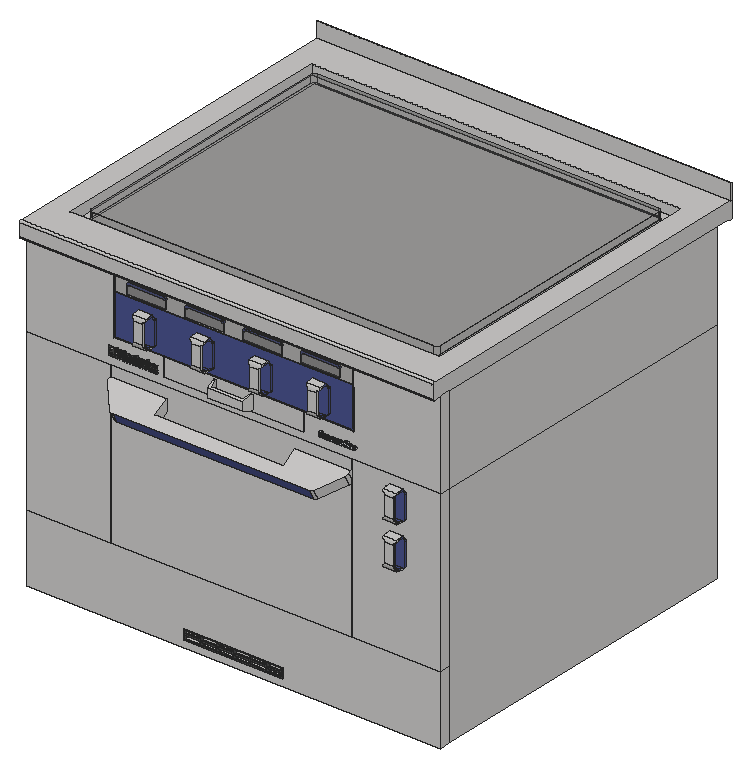
Revit family "QF_ELECTROLUXPROFESSIONAL_589656_MCLLFBJ8AO", category Attrezzature speciali, Revit 2020
Family settings
  Quota connettore circolare = Usa diametro
  Tipo di parte = Normale
  Basato su piano di lavoro = No
  Sempre verticale = Sì
  Taglio con vuoti quando caricato = No
  Condiviso = No
  Punto di calcolo locali = No
Parameters (values of type "Standard")
  Weight = 258.00 kg
  Watts = 21300 W
  Volts = 400 V
  URL Manufacturer = "https://www.electroluxprofessional.com/"
  URL = "https://www.electroluxprofessional.com/"
  Steam Supply Size = 0"
  Steam Supply Minimum Pressure = 0.00 psi
  Steam Supply Maximum Pressure = 0.00 psi
  Steam Consumption per Hour = 0
  Refrigeration Suction Line Size = 0 mm
  Refrigeration Liquid Line Size = 0 mm
  Refrigerant Compressor Remote = yes
  Prospetto di default = 0 mm
  Phase = 3
  Modello = "MCLLFBJ8AO"
  Produttore = "Electrolux Professional"
  Length Actual = 1000 mm  # constant formula
  Item Number = "589656"
  Hot Water Size = 0"
  Height Actual = 800 mm  # constant formula
  HP = "28.6 HP"
  Gas Size = 0"
  Gas KW = 0
  Gas Input Pressure = 0.0 Btu/h
  Direct Waste Size = 0"
  Descrizione = "EL.SOLID TOP,ST.OV,1S,BS,1000X900X800H"
  Depth Actual = 900 mm  # constant formula
  Cycle = 50 Hz
  Condensate Return Size = 0"
  Compressed Air Volume = 0 GPM
  Compressed Air Size = 0"
  Compressed Air Pressure = 0.00 psi
  Cold Water Size = 0"
  Accessory = yes
Reference planes
  plane 1 "BACK": y = 0
  plane 2: z = 0
  plane 3 "LEFT": x = -100
  plane 4 "RIGHT": x = 900
  plane 5 "FRONT": y = -900
  plane 6 "TOP": z = 900
  plane 7 "Center (Left/Right)": x = 400
  plane 8: y = -450
  plane 9: z = 100
  plane 10: y = -150
  plane 11 "Panel": y = -855
  plane 12: z = 798
  plane 13: z = 1327
  plane 14: x = -22
  plane 15: x = 822
  plane 16: y = -150
  plane 17: y = -650
  plane 18 "EIx": x = 855
  plane 19 "EIy": y = -685
  plane 20: y = -880
  plane 21: z = 938
Forms (mm)
  Extrusion 1, solid, material "QF_Finishes_Stainless Steel"
    sketch origin (-178.969, -4572, 100) x (-1, 0, 0) y (0, -1, 0)
      loop
        line (-78.969, -4527) -> (-78.969, -3717) -> (-1078.969, -3717) -> (-1078.969, -4527) -> (-78.969, -4527)
    from 550 to 762.969
  Extrusion 2, solid, material "QF_Finishes_Stainless Steel"
    sketch origin (-100, 0, -100) x (0, 1, 0) y (0, 0, 1)
      loop
        line (-855, 200) -> (-855, 365) -> (-880, 365) -> (-880, 200) -> (-855, 200)
    from 0 to 1000
  Extrusion 3, solid, material "QF_Finishes_Stainless Steel"
    sketch origin (-488.969, -4662, 100) x (-1, 0, 0) y (0, -1, 0)
      loop
        circle (-1343.969, -3977) r 6.35
    from 0 to -11.851
  Extrusion 4, solid, material "QF_Finishes_Stainless Steel"
    sketch origin (400, 296.4, 1219.2) x (0, 1, 0) y (0, 0, 1)
      loop
        line (-296.4, -319.2) -> (-1191.4, -319.2)
        arc (-1191.4, -319.2) -> (-1194.935, -320.664) -> (-1196.4, -324.2) r 5
        line (-1196.4, -324.2) -> (-1196.4, -355.2)
        arc (-1196.4, -355.2) -> (-1194.971, -358.264) -> (-1191.705, -359.139) r 4
        line (-1191.705, -359.139) -> (-1176.4, -356.231) -> (-316.4, -356.231) -> (-301.094, -359.139)
        arc (-301.094, -359.139) -> (-297.829, -358.264) -> (-296.4, -355.2) r 4
        line (-296.4, -355.2) -> (-296.4, -319.2)
    from -500 to 500
  Extrusion 5, solid, material "QF_Finishes_Electrolux_Black Smoke Iluminated"
    sketch origin (0, 0, 900) x (-1, 0, 0) y (0, -1, 0)
      loop
        arc (12, 109) -> (19.071, 111.929) -> (22, 119) r 10
        line (22, 119) -> (22, 780)
        arc (22, 780) -> (19.071, 787.071) -> (12, 790) r 10
        line (12, 790) -> (-812, 790)
        arc (-812, 790) -> (-819.071, 787.071) -> (-822, 780) r 10
        line (-822, 780) -> (-822, 119)
        arc (-822, 119) -> (-819.071, 111.929) -> (-812, 109) r 10
        line (-812, 109) -> (12, 109)
    from 0 to -20
  Extrusion 6, solid, material "QF_Finishes_Stainless Steel"
    sketch origin (-178.969, -4572, 100) x (-1, 0, 0) y (0, -1, 0)
      loop
        line (-78.969, -4527) -> (-78.969, -3717) -> (-1078.969, -3717) -> (-1078.969, -4527) -> (-78.969, -4527)
    from 550 to 0
  Extrusion 7, void
    sketch origin (0, -855, -100) x (-1, 0, 0) y (0, 0, 1)
      loop
        line (-520, 216.594) -> (-280, 216.594) -> (-280, 241.594) -> (-520, 241.594) -> (-520, 216.594)
    from 0 to -25
  Extrusion 8, solid, material "QF_Finishes_Black"
    sketch origin (0, -855, -100) x (-1, 0, 0) y (0, 0, 1)
      loop
        line (-280, 241.594) -> (-520, 241.594) -> (-520, 216.594) -> (-280, 216.594) -> (-280, 241.594)
      loop
        line (-282, 239.594) -> (-319.131, 239.594) -> (-319.131, 230.094) -> (-282, 230.094) -> (-282, 239.594)
      loop
        line (-282, 218.594) -> (-282, 228.094) -> (-319.131, 228.094) -> (-319.131, 218.594) -> (-282, 218.594)
      loop
        line (-321.131, 239.594) -> (-359.066, 239.594) -> (-359.066, 230.094) -> (-321.131, 230.094) -> (-321.131, 239.594)
      loop
        line (-399, 239.594) -> (-399, 230.094) -> (-361.066, 230.094) -> (-361.066, 239.594) -> (-399, 239.594)
      loop
        line (-401, 239.594) -> (-438.934, 239.594) -> (-438.934, 230.094) -> (-401, 230.094) -> (-401, 239.594)
      loop
        line (-359.066, 218.594) -> (-321.131, 218.594) -> (-321.131, 228.094) -> (-359.066, 228.094) -> (-359.066, 218.594)
      loop
        line (-361.066, 218.594) -> (-361.066, 228.094) -> (-399, 228.094) -> (-399, 218.594) -> (-361.066, 218.594)
      loop
        line (-401, 228.094) -> (-438.934, 228.094) -> (-438.934, 218.594) -> (-401, 218.594) -> (-401, 228.094)
      loop
        line (-518, 239.594) -> (-518, 230.094) -> (-480.869, 230.094) -> (-480.869, 239.594) -> (-518, 239.594)
      loop
        line (-518, 218.594) -> (-480.869, 218.594) -> (-480.869, 228.094) -> (-518, 228.094) -> (-518, 218.594)
      loop
        line (-478.869, 239.594) -> (-478.869, 230.094) -> (-440.934, 230.094) -> (-440.934, 239.594) -> (-478.869, 239.594)
      loop
        line (-440.934, 218.594) -> (-440.934, 228.094) -> (-478.869, 228.094) -> (-478.869, 218.594) -> (-440.934, 218.594)
    from -25.03 to -20
  Extrusion 9, void
    sketch origin (0, 0, 900) x (-1, 0, 0) y (0, -1, 0)
      loop
        line (47, 815) -> (-847, 815) -> (-847, 84) -> (47, 84) -> (47, 815)
    from 0 to -25
  Extrusion 10, solid, material "QF_Finishes_Stainless Steel"
    sketch origin (0, 0, 900) x (-1, 0, 0) y (0, -1, 0)
      loop
        line (18, 113) -> (18, 786) -> (-818, 786) -> (-818, 113) -> (18, 113)
    from -20 to -25
  Extrusion 11, solid, material "QF_Finishes_Stainless Steel"
    sketch origin (400, 296.4, 1219.2) x (0, 1, 0) y (0, 0, 1)
      loop
        line (-296.4, -319.2) -> (-296.4, -281.2) -> (-298.4, -281.2) -> (-298.4, -319.2) -> (-296.4, -319.2)
    from -500 to 500
Cuts and joins
  Extrusion 7 cuts Extrusion 6
  Extrusion 7 cuts Extrusion 2
  Extrusion 9 cuts Extrusion 4
Lines and regions (mm)
  symbolic lines
    curve 1: line (-100, 0, 100) -> (900, 0, 100)
    curve 2: line (-100, -900, 100) -> (-100, 0, 100)
    curve 3: line (900, -900, 100) -> (-100, -900, 100)
    curve 4: line (900, 0, 100) -> (900, -900, 100)
    curve 5: line (812, -109, 100) -> (-12, -109, 100)
    curve 6: line (-22, -119, 100) -> (-22, -780, 100)
    curve 7: line (-12, -790, 100) -> (812, -790, 100)
    curve 8: line (822, -780, 100) -> (822, -119, 100)
    curve 9: arc (-12, -109, 100) -> (-19.071, -111.929, 100) -> (-22, -119, 100) r 10
    curve 10: arc (822, -119, 100) -> (819.071, -111.929, 100) -> (812, -109, 100) r 10
    curve 11: arc (812, -790, 100) -> (819.071, -787.071, 100) -> (822, -780, 100) r 10
    curve 12: arc (-22, -780, 100) -> (-19.071, -787.071, 100) -> (-12, -790, 100) r 10
    curve 13: line (847, -84, 900) -> (-47, -84, 900)
    curve 14: line (-47, -84, 900) -> (-47, -815, 900)
    curve 15: line (847, -815, 900) -> (847, -84, 900)
    curve 16: line (-47, -815, 900) -> (847, -815, 900)
    curve 33: line (-100, -2, 900) -> (900, -2, 900)
  model lines, style "SpecialityEquipment"
    curve 17: arc (634, -211, 900) -> (580.967, -339.033, 900) -> (709, -286, 900) r 75
    curve 18: line (689, -286, 900) -> (729, -286, 900)
    curve 19: line (729, -286, 900) -> (709, -266, 900)
    curve 20: line (689, -286, 900) -> (709, -266, 900)
    curve 21: arc (166, -211, 900) -> (112.967, -339.033, 900) -> (241, -286, 900) r 75
    curve 22: line (221, -286, 900) -> (261, -286, 900)
    curve 23: line (261, -286, 900) -> (241, -266, 900)
    curve 24: line (221, -286, 900) -> (241, -266, 900)
    curve 25: arc (634, -539, 900) -> (580.967, -667.033, 900) -> (709, -614, 900) r 75
    curve 26: line (689, -614, 900) -> (729, -614, 900)
    curve 27: line (729, -614, 900) -> (709, -594, 900)
    curve 28: line (689, -614, 900) -> (709, -594, 900)
    curve 29: arc (166, -539, 900) -> (112.967, -667.033, 900) -> (241, -614, 900) r 75
    curve 30: line (221, -614, 900) -> (261, -614, 900)
    curve 31: line (261, -614, 900) -> (241, -594, 900)
    curve 32: line (221, -614, 900) -> (241, -594, 900)
Dimensions and locks
  plane 3 "LEFT" to plane 4 "RIGHT" = 1000 mm
  plane 5 "FRONT" to plane 1 "BACK" = 900 mm
  plane 3 "LEFT" to plane 7 "Center (Left/Right)" to plane 4 "RIGHT" = 500 mm, 500 mm
  equal spacing: plane 5 "FRONT", plane 8, plane 1 "BACK"
  plane 6 "TOP" to level = 900 mm  (x2)
  plane 9 to level = 100 mm
  plane 1 "BACK" to plane 10 to plane 11 "Panel" = 150 mm, 705 mm  (x2)
  plane 6 "TOP" to plane 9 to level = 800 mm, 100 mm
  plane 1 "BACK" to plane 5 "FRONT" = 900 mm
  plane 1 "BACK" to Extrusion 3 = 685 mm
  plane 12 to plane 9 = 698 mm
  plane 13 to plane 6 "TOP" = 427 mm
  plane 6 "TOP" to plane 12 = 102 mm
  plane 14 to plane 3 "LEFT" = 78 mm
  plane 15 to plane 4 "RIGHT" = 78 mm
  locked: plane 1 "BACK" to plane 16 at 150
  locked: plane 16 to plane 17 at 500
  plane 11 "Panel" to plane 5 "FRONT" = 45 mm
  plane 18 "EIx" to plane 4 "RIGHT" = 45 mm
  plane 19 "EIy" to plane 1 "BACK" = 685 mm
  locked: plane 11 "Panel" to plane 20 at 25
  plane 21 to plane 6 "TOP" = 38 mm
  aligned and locked: level to plane 2
  aligned and locked: Extrusion 2 to plane 4 "RIGHT"
  aligned and locked: cut or joined group of Extrusion 4, Extrusion 9 to plane 3 "LEFT"
  aligned and locked: cut or joined group of Extrusion 4, Extrusion 9 to plane 4 "RIGHT"
  aligned and locked: cut or joined group of Extrusion 6, Extrusion 7 to plane 4 "RIGHT"
  aligned and locked: cut or joined group of Extrusion 6, Extrusion 7 to plane 3 "LEFT"
  aligned and locked: nested 1 to plane 11 "Panel"
  aligned and locked: nested 4 to plane 11 "Panel"
  aligned and locked: Extrusion 1 to plane 11 "Panel"
  aligned and locked: plane 11 "Panel" to cut or joined group of Extrusion 2, Extrusion 7
  aligned and locked: nested 2 to plane 20
  aligned and locked: nested 3 to plane 20
  aligned and locked: Extrusion 1 to plane 3 "LEFT"
  aligned and locked: Extrusion 1 to plane 4 "RIGHT"
  aligned and locked: plane 3 "LEFT" to nested 1
  aligned and locked: Extrusion 11 to plane 3 "LEFT"
  aligned and locked: Extrusion 11 to plane 4 "RIGHT"
  aligned and locked: cut or joined group of Extrusion 2, Extrusion 7 to nested 1
  aligned and locked: Extrusion 1 to cut or joined group of Extrusion 4, Extrusion 9
  aligned and locked: cut or joined group of Extrusion 6, Extrusion 7 to nested 4
  aligned and locked: Extrusion 1 to cut or joined group of Extrusion 6, Extrusion 7
Automatic sketch dimensions
  Extrusion 1 sketch curve to plane 4 "RIGHT" = 0 mm
  Extrusion 1 sketch curve to plane 3 "LEFT" = 0 mm
  Extrusion 1 sketch curve to plane 11 "Panel" = 0 mm
  plane 1 "BACK" to Extrusion 1 sketch curve = 45 mm
  Extrusion 2 sketch curve to plane 9 = 0 mm
  Extrusion 2 sketch curve to plane 20 = 0 mm
  Extrusion 2 sketch curve to plane 11 "Panel" = 0 mm
  plane 9 to Extrusion 2 sketch curve = 165 mm
  plane 1 "BACK" to curve 1 = 0 mm
  curve 1 to plane 4 "RIGHT" = 0 mm
  curve 8 to plane 15 = 0 mm
  curve 6 to plane 14 = 0 mm
  curve 2 to plane 3 "LEFT" = 0 mm
  plane 5 "FRONT" to curve 3 = 0 mm
  plane 15 to curve 5 = 10 mm
  plane 15 to curve 11 = 10 mm
  curve 5 to plane 14 = 10 mm
  curve 12 to curve 12 = 10 mm
  plane 10 to curve 5 = 41 mm
  plane 11 "Panel" to curve 11 = 75 mm
  Extrusion 3 sketch curve to plane 18 "EIx" = 0 mm
  Extrusion 3 sketch curve to plane 19 "EIy" = 0 mm
  Extrusion 4 sketch curve to plane 5 "FRONT" = 0 mm
  Extrusion 4 sketch curve to plane 6 "TOP" = 0 mm
  Extrusion 4 sketch curve to plane 20 = 0 mm
  Extrusion 4 sketch curve to plane 1 "BACK" = 0 mm
  Extrusion 4 sketch curve to Extrusion 4 sketch curve = 4 mm
  Extrusion 4 sketch curve to Extrusion 4 sketch curve = 0.695 mm
  Extrusion 4 sketch curve to plane 5 "FRONT" = 5 mm
  plane 1 "BACK" to Extrusion 4 sketch curve = 20 mm
  plane 1 "BACK" to Extrusion 4 sketch curve = 4.695 mm
  plane 1 "BACK" to Extrusion 4 sketch curve = 4 mm
  Extrusion 4 sketch curve to Extrusion 4 sketch curve = 31 mm
  Extrusion 4 sketch curve to Extrusion 4 sketch curve = 36 mm
  Extrusion 4 sketch curve to Extrusion 4 sketch curve = 2.909 mm
  Extrusion 5 sketch curve to plane 15 = 0 mm
  Extrusion 5 sketch curve to plane 14 = 0 mm
  plane 15 to Extrusion 5 sketch curve = 10 mm  (x2)
  Extrusion 5 sketch curve to Extrusion 5 sketch curve = 10 mm  (x2)
  plane 10 to Extrusion 5 sketch curve = 41 mm
  plane 11 "Panel" to Extrusion 5 sketch curve = 75 mm
  Extrusion 6 sketch curve to plane 4 "RIGHT" = 0 mm
  Extrusion 6 sketch curve to plane 3 "LEFT" = 0 mm
  Extrusion 6 sketch curve to plane 11 "Panel" = 0 mm
  plane 1 "BACK" to Extrusion 6 sketch curve = 45 mm
  plane 9 to Extrusion 7 sketch curve = 41.594 mm
  plane 7 "Center (Left/Right)" to Extrusion 7 sketch curve = 120 mm
  Extrusion 7 sketch curve to plane 7 "Center (Left/Right)" = 120 mm
  plane 9 to Extrusion 7 sketch curve = 16.594 mm
  plane 9 to Extrusion 8 sketch curve = 41.594 mm
  plane 7 "Center (Left/Right)" to Extrusion 8 sketch curve = 120 mm
  Extrusion 8 sketch curve to Extrusion 8 sketch curve = 2 mm  (x15)
  Extrusion 8 sketch curve to Extrusion 8 sketch curve = 0 mm  (x16)
  Extrusion 8 sketch curve to Extrusion 8 sketch curve = 37.131 mm  (x2)
  Extrusion 8 sketch curve to Extrusion 8 sketch curve = 37.934 mm  (x3)
  plane 7 "Center (Left/Right)" to Extrusion 8 sketch curve = 1 mm  (x2)
  Extrusion 8 sketch curve to plane 7 "Center (Left/Right)" = 1 mm  (x2)
  plane 9 to Extrusion 8 sketch curve = 18.594 mm  (x4)
  Extrusion 8 sketch curve to Extrusion 8 sketch curve = 9.5 mm  (x6)
  plane 18 "EIx" to Extrusion 9 sketch curve = 8 mm
  plane 14 to Extrusion 9 sketch curve = 25 mm
  plane 10 to Extrusion 9 sketch curve = 66 mm
  plane 11 "Panel" to Extrusion 9 sketch curve = 40 mm
  plane 15 to Extrusion 10 sketch curve = 4 mm
  Extrusion 10 sketch curve to plane 14 = 4 mm
  plane 10 to Extrusion 10 sketch curve = 37 mm
  plane 11 "Panel" to Extrusion 10 sketch curve = 69 mm
  curve 33 to plane 4 "RIGHT" = 0 mm
  curve 33 to plane 3 "LEFT" = 0 mm
  plane 18 "EIx" to curve 13 = 8 mm
  curve 27 to plane 17 = 36 mm
  plane 15 to curve 27 = 93 mm
  plane 15 to curve 18 = 93 mm
  curve 18 to curve 20 = 20 mm
  curve 26 to curve 27 = 20 mm
  curve 19 to curve 18 = 20 mm
  curve 28 to curve 26 = 20 mm
  curve 26 to curve 25 = 55 mm
  curve 18 to curve 17 = 55 mm
  curve 23 to plane 7 "Center (Left/Right)" = 139 mm
  curve 31 to plane 17 = 36 mm
  curve 31 to plane 7 "Center (Left/Right)" = 139 mm
  curve 30 to curve 31 = 20 mm
  curve 22 to curve 23 = 20 mm
  curve 32 to curve 32 = 20 mm
  curve 23 to curve 22 = 20 mm
  curve 30 to curve 29 = 55 mm
  curve 22 to curve 21 = 55 mm
  plane 14 to curve 13 = 25 mm
  curve 24 to plane 10 = 136 mm
  curve 18 to plane 10 = 136 mm
  plane 10 to curve 15 = 66 mm
  plane 11 "Panel" to curve 16 = 40 mm
  curve 17 to curve 18 = 20 mm
  curve 25 to curve 26 = 20 mm
  curve 21 to curve 22 = 20 mm
  curve 29 to curve 30 = 20 mm
  plane 1 "BACK" to curve 33 = 2 mm
  Extrusion 11 sketch curve to plane 6 "TOP" = 0 mm
  Extrusion 11 sketch curve to plane 21 = 0 mm
  Extrusion 11 sketch curve to plane 1 "BACK" = 0 mm
  plane 1 "BACK" to Extrusion 11 sketch curve = 2 mm
  radius of Extrusion 3 sketch curve = 6.35 mm
Nested families
  nested 1: "Door_Panel_W1000_A" at (400, -855, 0), type "Door_Panel_W1000_A"
  nested 2: "FIT Range Control Handle" at (795, -883.137, -372.751), type "FIT Range Control Handle"
  nested 3: "FIT Range Control Handle" at (795, -883.137, -474.751), type "FIT Range Control Handle"
  nested 4: "Front_Panel_W1000_Four Knobs" at (102.376, -855, 0), type "Front_Panel_W1000_Four Knobs"
Connectors
  electrical at (855, -685, 88.149)
    settings: on Extrusion 3, index 1, voltage 400 V, apparent load 33000 VA, apparent load phase1 0 VA, apparent load phase2 0 VA, apparent load phase3 0 VA, power factor 1, load classification "Other", number of poles 1, system type 30, power factor state 1, is connector primary yes, connector utility no, sub classification motor no, connector description "ELECTRICAL CONNECTION"
Definition of nested family "Door_Panel_W1000_A"
  Parameters
    Default Elevation = 0 mm
  Reference planes
    plane 1 "Center (Front/Back)": y = 0
    plane 2 "Ref. Level": z = 0
    plane 3: x = 500
    plane 4: x = -500
    plane 5 "Center (Left/Right)": x = 0
    plane 6: x = -295
    plane 7: x = 285
    plane 8 "Manopola": through (-6096, -50.059, 612.389) normal (0, -0.515, 0.8572)
    plane 9 "Top": z = 650
    plane 10: z = 265
    plane 11: z = 200
  Forms (mm)
    Extrusion 1, solid
      sketch origin (0, 0, 0) x (0, 1, 0) y (0, 0, 1)
        loop
          line (-25.03, 650) -> (-25.03, 265) -> (0, 265) -> (0, 650) -> (-25.03, 650)
      from 285 to 500
    Extrusion 2, solid
      sketch origin (0, 0, 0) x (0, 1, 0) y (0, 0, 1)
        loop
          line (-25.03, 650) -> (-25.03, 265) -> (0, 265) -> (0, 650) -> (-25.03, 650)
      from -500 to -295
    Extrusion 3, solid
      sketch origin (0, 0, 0) x (0, 1, 0) y (0, 0, 1)
        loop
          line (-25.03, 650) -> (-25.03, 265) -> (0, 265) -> (0, 650) -> (-25.03, 650)
      from -295 to 285
    Extrusion 4, solid
      sketch origin (0, -283.633, 472.044) x (0, 0.857167, 0.515038) y (-1, 0, 0)
        loop
          line (299.12, -285) -> (299.12, 295) -> (290.982, 295)
          arc (290.982, 295) -> (286.677, 294.026) -> (283.211, 291.293) r 10
          line (283.211, 291.293) -> (233.28, 250.86)
          arc (233.28, 250.86) -> (230.548, 247.394) -> (229.574, 243.089) r 10
          line (229.574, 243.089) -> (229.574, -233.089)
          arc (229.574, -233.089) -> (230.548, -237.394) -> (233.28, -240.86) r 10
          line (233.28, -240.86) -> (283.211, -281.293)
          arc (283.211, -281.293) -> (286.677, -284.026) -> (290.982, -285) r 10
          line (290.982, -285) -> (299.12, -285)
      from -27 to 0
    Extrusion 5, void
      sketch origin (0, 0, 0) x (0, 1, 0) y (0, 0, 1)
        loop
          line (-61.514, 605.507) -> (-47.608, 582.363) -> (-25.03, 595.93) -> (-25.03, 627.429) -> (-61.514, 605.507)
      from -160 to 150
    Extrusion 6, solid, detail levels coarse
      sketch origin (0, 0, 0) x (0, 1, 0) y (0, 0, 1)
        loop
          line (-25.03, 265) -> (-25.03, 650)
          arc (-25.03, 650) -> (-297.266, 537.236) -> (-410.03, 265) r 385
          line (-410.03, 265) -> (-25.03, 265)
      from -295 to 285
  Cuts and joins
    Extrusion 5 cuts Extrusion 4
    joined: Extrusion 3, Extrusion 4
  Lines and regions (mm)
    symbolic lines
      curve 1: line (-287.355, -45.043, 0) -> (-250.86, -83.673, 0)
      curve 2: line (-243.089, -86.85, 0) -> (233.089, -86.85, 0)
      curve 3: line (240.86, -83.673, 0) -> (277.355, -45.043, 0)
      curve 4: arc (-243.089, -86.85, 0) -> (-247.318, -86.101, 0) -> (-250.86, -83.673, 0) r 10.165
      curve 5: arc (233.089, -86.85, 0) -> (237.318, -86.101, 0) -> (240.86, -83.673, 0) r 10.165
      curve 6: line (-295, -45.043, 0) -> (-295, -410.03, 0)
      curve 7: line (-295, -410.03, 0) -> (285, -410.03, 0)
      curve 8: line (285, -410.03, 0) -> (285, -45.03, 0)
  Dimensions and locks
    plane 3 to plane 4 = 1000 mm
    plane 4 to plane 3 = 1000 mm
    equal spacing: plane 3, plane 5 "Center (Left/Right)", plane 4
    plane 6 to plane 4 = 205 mm
    plane 3 to plane 7 = 215 mm
    plane 11 to level = 200 mm
    plane 10 to plane 11 = 65 mm
    plane 10 to plane 9 "Top" = 385 mm
    plane 9 "Top" to plane 11 = 450 mm
    aligned and locked: plane 3 to Extrusion 1
    aligned and locked: cut or joined group of Extrusion 3, Extrusion 4, Extrusion 5 to plane 6
    aligned and locked: cut or joined group of Extrusion 3, Extrusion 4, Extrusion 5 to plane 7
    aligned and locked: plane 7 to Extrusion 1
    aligned and locked: plane 6 to Extrusion 2
    aligned and locked: Extrusion 2 to plane 4
    aligned and locked: plane 10 to Extrusion 2
    aligned and locked: plane 10 to cut or joined group of Extrusion 3, Extrusion 4, Extrusion 5
    aligned and locked: plane 10 to Extrusion 1
    aligned and locked: Extrusion 6 to plane 6
    aligned and locked: Extrusion 6 to plane 7
  Automatic sketch dimensions
    Extrusion 5 sketch curve to plane 8 "Manopola" = 0 mm  (x2)
    plane 1 "Center (Front/Back)" to Extrusion 5 sketch curve = 61.514 mm
    Extrusion 5 sketch curve to Extrusion 5 sketch curve = 13.906 mm
    plane 1 "Center (Front/Back)" to Extrusion 5 sketch curve = 25.03 mm
    Extrusion 4 sketch curve to plane 7 = 0 mm
    Extrusion 4 sketch curve to plane 6 = 0 mm
    plane 6 to Extrusion 4 sketch curve = 51.911 mm
    plane 7 to Extrusion 4 sketch curve = 44.14 mm
    Extrusion 4 sketch curve to Extrusion 4 sketch curve = 3.707 mm  (x2)
    plane 6 to Extrusion 4 sketch curve = 44.14 mm
    plane 7 to Extrusion 4 sketch curve = 3.707 mm
    Extrusion 4 sketch curve to Extrusion 4 sketch curve = 49.93 mm  (x2)
    plane 6 to Extrusion 4 sketch curve = 3.707 mm
    Extrusion 4 sketch curve to Extrusion 4 sketch curve = 7.771 mm  (x3)
    Extrusion 4 sketch curve to Extrusion 4 sketch curve = 8.138 mm
    Extrusion 2 sketch curve to plane 1 "Center (Front/Back)" = 0 mm
    Extrusion 3 sketch curve to plane 1 "Center (Front/Back)" = 0 mm
    Extrusion 1 sketch curve to plane 1 "Center (Front/Back)" = 0 mm
    Extrusion 2 sketch curve to plane 9 "Top" = 0 mm
    Extrusion 2 sketch curve to Extrusion 2 sketch curve = 25.03 mm
    Extrusion 3 sketch curve to plane 9 "Top" = 0 mm
    Extrusion 3 sketch curve to Extrusion 3 sketch curve = 25.03 mm
    Extrusion 1 sketch curve to plane 9 "Top" = 0 mm
    plane 1 "Center (Front/Back)" to Extrusion 1 sketch curve = 25.03 mm
    level to Extrusion 1 sketch curve = 265 mm
    level to Extrusion 2 sketch curve = 265 mm
    level to Extrusion 3 sketch curve = 265 mm
    plane 10 to Extrusion 6 sketch curve = 0 mm
    Extrusion 6 sketch curve to plane 9 "Top" = 0 mm
    plane 1 "Center (Front/Back)" to Extrusion 6 sketch curve = 25.03 mm
    curve 7 to plane 7 = 0 mm
    plane 6 to curve 1 = 44.14 mm
    curve 4 to curve 4 = 7.389 mm
    curve 4 to curve 2 = 7.771 mm
    plane 7 to curve 2 = 51.911 mm
    curve 2 to curve 5 = 0.382 mm
    curve 2 to curve 3 = 7.771 mm
    plane 1 "Center (Front/Back)" to curve 6 = 410.03 mm
    plane 1 "Center (Front/Back)" to curve 2 = 86.85 mm
    curve 2 to curve 3 = 3.177 mm
    curve 2 to curve 1 = 3.177 mm
    plane 7 to curve 3 = 7.645 mm
    plane 1 "Center (Front/Back)" to curve 3 = 45.043 mm
    curve 3 to curve 8 = 0.013 mm
    curve 7 to plane 6 = 0 mm
    curve 6 to curve 1 = 7.645 mm
    plane 1 "Center (Front/Back)" to curve 1 = 45.043 mm
    curve 6 to curve 1 = 0 mm
Definition of nested family "FIT Range Control Handle"
  Parameters
    Default Elevation = 0 mm
  Reference planes
    plane 1 "Center (Front/Back)": y = 0
    plane 2: z = 0
    plane 3 "Center (Left/Right)": x = 0
    plane 4: z = 971.092
    plane 5: y = -16.8
  Forms (mm)
    Extrusion 1, solid
      sketch origin (-746.28, 380.497, 208.931) x (-1, 0, 0) y (0, 0, 1)
        loop
          line (-770.101, 786.798) -> (-770.101, 731.649)
          arc (-770.101, 731.649) -> (-769.759, 730.563) -> (-768.855, 729.87) r 1.893
          line (-768.855, 729.87) -> (-763.474, 727.911) -> (-729.81, 727.911) -> (-724.428, 729.87)
          arc (-724.428, 729.87) -> (-723.525, 730.563) -> (-723.183, 731.649) r 1.893
          line (-723.183, 731.649) -> (-723.183, 786.798)
          arc (-723.183, 786.798) -> (-723.529, 787.894) -> (-724.44, 788.593) r 1.91
          line (-724.44, 788.593) -> (-729.683, 790.819) -> (-763.601, 790.819) -> (-768.844, 788.593)
          arc (-768.844, 788.593) -> (-769.755, 787.894) -> (-770.101, 786.798) r 1.91
      from -382.35 to -378.852
    Sweep 2, solid
      path origin (-746.788, 380.496, 208.091) x (0, -1, 0) y (0, 0, 1)
        loop
          line (379.775, 793.281) -> (395.661, 791.048)
          arc (395.661, 791.048) -> (397.781, 787.377) -> (398.517, 783.202) r 12.207
          line (398.517, 783.202) -> (398.517, 737.368)
          arc (398.517, 737.368) -> (397.781, 733.193) -> (395.661, 729.522) r 12.207
          line (395.661, 729.522) -> (379.775, 727.289)
      profile origin (-746.788, -7.222, 1000.256) x (0, -0.139173, 0.990268) y (-1, 0, 0)
        loop
          line (0.782, -763.123) -> (0.782, -730.907) -> (-1.322, -730.907) -> (-1.322, -763.123) -> (0.782, -763.123)
    Sweep 3, solid
      path origin (-746.788, 380.715, 207.832) x (0, -1, 0) y (0, 0, 1)
        loop
          line (380.478, 795.442) -> (397.218, 793.09)
          arc (397.218, 793.09) -> (399.929, 788.473) -> (400.871, 783.202) r 15.207
          line (400.871, 783.202) -> (400.871, 737.584)
          arc (400.871, 737.584) -> (399.914, 732.274) -> (397.164, 727.633) r 15.207
          line (397.164, 727.633) -> (380.601, 725.305)
      profile origin (-746.788, -8.132, 1002.099) x (0, -0.139173, 0.990268) y (-1, 0, 0)
        loop
          line (0.782, -763.123) -> (0.782, -730.907) -> (-1.322, -730.907) -> (-1.322, -763.123) -> (0.782, -763.123)
    Extrusion 4, void
      sketch origin (889.253, 220.666, 207.993) x (1, 0, 0) y (0, 0, 1)
        loop
          line (-943.038, 816.854) -> (-943.038, 703.686) -> (-899.466, 734.196) -> (-899.466, 786.344) -> (-943.038, 816.854)
      from 230.636 to 242.25
    Extrusion 5, void
      sketch origin (-888.8, 220.666, 207.993) x (-1, 0, 0) y (0, 0, -1)
        loop
          line (-943.038, -816.854) -> (-899.466, -786.344) -> (-899.466, -734.196) -> (-943.038, -703.686) -> (-943.038, -816.854)
      from 230.636 to 242.25
    Extrusion 6, solid
      sketch origin (0, 0, 0) x (1, 0, 0) y (0, 0, 1)
        loop
          circle (0, 971.092) r 7.736
      from -3.137 to -1.645
  Cuts and joins
    Extrusion 4, Extrusion 5 cuts Sweep 3
    Extrusion 4, Extrusion 5 cuts Sweep 2
    joined: Extrusion 1, Extrusion 6
  Lines and regions (mm)
    symbolic lines
      curve 1: line (-15.881, -19.189, 0) -> (-15.881, -16.8, 0)
      curve 2: line (16.334, -19.189, 0) -> (16.334, -16.8, 0)
      curve 3: spline (-15.881, -19.189, 0) -> (-15.417, -19.349, 0) -> (-14.951, -19.501, 0) -> (-14.483, -19.646, 0) -> (-14.014, -19.783, 0) -> (-13.543, -19.912, 0) -> (-13.071, -20.033, 0) -> (-12.597, -20.146, 0) -> (-12.122, -20.251, 0) -> (-11.646, -20.349, 0) -> (-11.169, -20.438, 0) -> (-10.691, -20.52, 0) -> (-10.213, -20.593, 0)
      curve 4: spline (10.666, -20.593, 0) -> (11.144, -20.52, 0) -> (11.622, -20.438, 0) -> (12.099, -20.349, 0) -> (12.575, -20.251, 0) -> (13.05, -20.146, 0) -> (13.524, -20.033, 0) -> (13.996, -19.912, 0) -> (14.467, -19.783, 0) -> (14.936, -19.646, 0) -> (15.404, -19.501, 0) -> (15.87, -19.349, 0) -> (16.334, -19.189, 0)
      curve 5: line (-10.213, -20.938, 0) -> (10.716, -20.938, 0)
  Dimensions and locks
    cut or joined group of Sweep 3, Extrusion 4, Extrusion 5 to cut or joined group of Sweep 3, Extrusion 4, Extrusion 5 = 71.686 mm
Definition of nested family "Front_Panel_W1000_Four Knobs"
  Parameters
    Default Elevation = 0 mm
  Reference planes
    plane 1 "Center (Front/Back)": y = 0
    plane 2: z = 0
    plane 3 "Center (Left/Right)": x = 297.624
    plane 4 "Left": x = -202.376
    plane 5 "Right": x = 797.624
    plane 6: y = -45
    plane 7: x = 87.624
    plane 8: x = 227.624
    plane 9: y = -310
    plane 10: y = -25
    plane 11: x = -2.376
    plane 12: x = 367.624
    plane 13: x = 507.624
    plane 14: x = 594.715
  Forms (mm)
    Extrusion 1, solid
      sketch origin (833.217, 829.203, -1.25) x (0, 1, 0) y (0, 0, 1)
        loop
          line (-854.203, 651.25) -> (-829.203, 651.25) -> (-829.203, 864.25) -> (-854.203, 864.25) -> (-854.203, 651.25)
      from -1035.593 to -35.593
    Extrusion 2, void
      sketch origin (0, 0, 0) x (1, 0, 0) y (0, 0, 1)
        loop
          line (7.624, 853.866) -> (7.624, 711.866) -> (587.624, 711.866) -> (587.624, 853.866) -> (7.624, 853.866)
      from 19.387 to 33.951
    Extrusion 3, void
      sketch origin (0, 0, 0) x (1, 0, 0) y (0, 0, 1)
        loop
          line (128.624, 711.866) -> (128.624, 668.866) -> (466.624, 668.866) -> (466.624, 711.866) -> (128.624, 711.866)
      from 19.387 to 25
    Extrusion 4, solid
      sketch origin (150, 0, 1) x (1, 0, 0) y (0, 0, 1)
        loop
          line (-21.376, 710.866) -> (-21.376, 667.866) -> (316.624, 667.866) -> (316.624, 710.866) -> (-21.376, 710.866)
      from 19.387 to 25
    Extrusion 5, solid
      sketch origin (150, 0, 1) x (1, 0, 0) y (0, 1, 0)
        loop
          line (106.059, -25) -> (100.966, -25) -> (105.646, -49.075) -> (189.603, -49.075) -> (194.283, -25) -> (189.189, -25) -> (185.481, -44.075) -> (109.767, -44.075) -> (106.059, -25)
      from 672.593 to 705.67
    Extrusion 6, void
      sketch origin (297.624, 0, 1) x (0, 1, 0) y (0, 0, 1)
        loop
          line (-30, 705.67) -> (-30, 710.67) -> (-56.744, 710.67) -> (-56.744, 667.593) -> (-30, 667.593) -> (-30, 672.593) -> (-53.776, 680.318) -> (-53.776, 697.945) -> (-30, 705.67)
      from -50 to 50
    Extrusion 7, solid, detail levels coarse
      sketch origin (150, -265, 1) x (1, 0, 0) y (0, 1, 0)
        loop
          line (106.164, -71.744) -> (189.084, -71.744) -> (194.283, -45) -> (316.624, -45) -> (316.624, 240) -> (-21.376, 240) -> (-21.376, -45) -> (100.966, -45) -> (106.164, -71.744)
      from 672.593 to 705.67
    Extrusion 8, void
      sketch origin (297.624, -280, 1) x (0, 1, 0) y (0, 0, 1)
        loop
          line (-30, 705.67) -> (-30, 710.67) -> (-56.744, 710.67) -> (-56.744, 667.593) -> (-30, 667.593) -> (-30, 672.593) -> (-53.776, 680.318) -> (-53.776, 697.945) -> (-30, 705.67)
      from -50 to 50
  Cuts and joins
    Extrusion 2, Extrusion 3 cuts Extrusion 1
    Extrusion 6 cuts Extrusion 5
    Extrusion 6, Extrusion 8 cuts Extrusion 7
  Lines and regions (mm)
    symbolic lines
      curve 1: line (128.624, -45, 0) -> (128.624, -310, 0)
      curve 2: line (128.624, -310, 0) -> (466.624, -310, 0)
      curve 3: line (466.624, -310, 0) -> (466.624, -45, 0)
      curve 4: line (128.624, -300, 0) -> (466.624, -300, 0)
      curve 5: line (250.908, -309.701, 0) -> (255.587, -333.776, 0)
      curve 6: line (255.587, -333.776, 0) -> (339.545, -333.776, 0)
      curve 7: line (339.545, -333.776, 0) -> (344.225, -309.701, 0)
      curve 8: line (256.001, -309.701, 0) -> (259.709, -328.776, 0)
      curve 9: line (259.709, -328.776, 0) -> (335.423, -328.776, 0)
      curve 10: line (335.423, -328.776, 0) -> (339.131, -309.701, 0)
  Dimensions and locks
    equal spacing: plane 5 "Right", plane 3 "Center (Left/Right)", plane 4 "Left"
    plane 5 "Right" to plane 4 "Left" = 1000 mm
    plane 3 "Center (Left/Right)" to plane 7 = 210 mm
    plane 3 "Center (Left/Right)" to plane 8 = 70 mm
    plane 6 to plane 9 = 265 mm
    plane 13 to plane 3 "Center (Left/Right)" = 210 mm
    plane 12 to plane 3 "Center (Left/Right)" = 70 mm
    aligned and locked: cut or joined group of Extrusion 1, Extrusion 2, Extrusion 3 to plane 4 "Left"
    aligned and locked: plane 5 "Right" to cut or joined group of Extrusion 1, Extrusion 2, Extrusion 3
    aligned and locked: plane 3 "Center (Left/Right)" to nested 2
    aligned and locked: cut or joined group of Extrusion 1, Extrusion 2, Extrusion 3 to nested 2
  Automatic sketch dimensions
    plane 7 to Extrusion 3 sketch curve = 41 mm
    plane 3 "Center (Left/Right)" to Extrusion 3 sketch curve = 169 mm
    level to Extrusion 3 sketch curve = 668.866 mm
    Extrusion 3 sketch curve to Extrusion 3 sketch curve = 43 mm
    Extrusion 1 sketch curve to plane 1 "Center (Front/Back)" = 0 mm
    level to Extrusion 1 sketch curve = 650 mm
    plane 4 "Left" to Extrusion 2 sketch curve = 210 mm
    Extrusion 2 sketch curve to plane 5 "Right" = 210 mm
    level to Extrusion 2 sketch curve = 711.866 mm
    Extrusion 2 sketch curve to Extrusion 2 sketch curve = 142 mm
    plane 6 to curve 1 = 0 mm
    plane 6 to curve 3 = 0 mm
    plane 9 to curve 1 = 0 mm
    plane 7 to curve 1 = 41 mm
    curve 1 to curve 4 = 10 mm
    Extrusion 1 sketch curve to plane 6 = 20 mm
    Extrusion 1 sketch curve to Extrusion 1 sketch curve = 213 mm
    plane 7 to Extrusion 4 sketch curve = 41 mm
    Extrusion 4 sketch curve to plane 13 = 41 mm
    level to Extrusion 4 sketch curve = 668.866 mm
    Extrusion 4 sketch curve to Extrusion 4 sketch curve = 43 mm
    plane 10 to Extrusion 5 sketch curve = 0 mm  (x2)
    plane 8 to Extrusion 5 sketch curve = 23.342 mm
    plane 6 to Extrusion 5 sketch curve = 4.075 mm
    Extrusion 5 sketch curve to Extrusion 5 sketch curve = 4.68 mm
    Extrusion 5 sketch curve to Extrusion 5 sketch curve = 5.094 mm  (x2)
    Extrusion 5 sketch curve to plane 6 = 0.925 mm
    Extrusion 5 sketch curve to Extrusion 5 sketch curve = 4.122 mm  (x2)
    Extrusion 5 sketch curve to plane 12 = 32.143 mm
    Extrusion 5 sketch curve to Extrusion 5 sketch curve = 3.708 mm
    plane 6 to Extrusion 6 sketch curve = 11.744 mm
    plane 6 to Extrusion 6 sketch curve = 8.776 mm
    plane 10 to Extrusion 6 sketch curve = 5 mm  (x2)
    level to Extrusion 6 sketch curve = 668.593 mm
    Extrusion 6 sketch curve to Extrusion 6 sketch curve = 5 mm
    Extrusion 6 sketch curve to Extrusion 6 sketch curve = 12.725 mm  (x2)
    Extrusion 6 sketch curve to Extrusion 6 sketch curve = 17.627 mm
    Extrusion 6 sketch curve to Extrusion 6 sketch curve = 7.725 mm
    plane 10 to Extrusion 7 sketch curve = 0 mm
    Extrusion 7 sketch curve to plane 9 = 0 mm  (x2)
    plane 7 to Extrusion 7 sketch curve = 41 mm
    plane 8 to Extrusion 7 sketch curve = 23.342 mm
    Extrusion 7 sketch curve to Extrusion 7 sketch curve = 5.199 mm
    Extrusion 7 sketch curve to plane 12 = 28.54 mm
    Extrusion 7 sketch curve to plane 12 = 23.342 mm
    Extrusion 7 sketch curve to plane 13 = 41 mm
    Extrusion 7 sketch curve to plane 9 = 26.744 mm
    Extrusion 8 sketch curve to plane 9 = 0 mm  (x2)
    Extrusion 8 sketch curve to plane 9 = 23.776 mm
    Extrusion 8 sketch curve to Extrusion 8 sketch curve = 2.968 mm
    level to Extrusion 8 sketch curve = 668.593 mm
    Extrusion 8 sketch curve to Extrusion 8 sketch curve = 5 mm
    Extrusion 8 sketch curve to Extrusion 8 sketch curve = 12.725 mm  (x2)
    Extrusion 8 sketch curve to Extrusion 8 sketch curve = 17.627 mm
    Extrusion 8 sketch curve to Extrusion 8 sketch curve = 7.725 mm
    curve 3 to plane 13 = 41 mm
    plane 9 to curve 5 = 0.299 mm
    plane 8 to curve 5 = 23.283 mm
    curve 5 to curve 5 = 4.68 mm
    plane 9 to curve 8 = 0.299 mm
    curve 5 to curve 8 = 5.094 mm
    curve 5 to curve 9 = 4.122 mm
    curve 9 to plane 12 = 32.201 mm
    plane 9 to curve 10 = 0.299 mm
    curve 9 to curve 10 = 3.708 mm
    curve 9 to curve 7 = 4.122 mm
    plane 9 to curve 7 = 0.299 mm
    curve 10 to curve 7 = 5.094 mm
    curve 9 to plane 9 = 18.776 mm
    curve 6 to curve 8 = 5 mm
  Nested families
    nested 1: "Range Control Handle" at (87.624, -28.137, -209.113) x (-1, 0, 0) z (0, 0, 1), type "Range Control Handle"
    nested 2: "Front glass control panel W1000" at (297.624, 280.644, 2.752), type "Front glass control panel W1000"
    nested 3: "Range Control Handle" at (227.624, -28.137, -209.113) x (-1, 0, 0) z (0, 0, 1), type "Range Control Handle"
    nested 4: "Range Control Handle" at (367.624, -28.137, -209.113), type "Range Control Handle"
    nested 5: "Range Control Handle" at (507.624, -28.137, -209.113), type "Range Control Handle"
    nested 6: "ELX_ThermaLine_Small" at (546.122, -25, 679.426) x (1, 0, 0) z (0, -1, 0), type "ELX_ThermaLine_Small"
      with Show Logo yes, Material_Logo none
    nested 7: "ELX_Professional_Logo_Small" at (57.11, -25, 681.659) x (1, 0, 0) z (0, -1, 0), type "ELX_Professional_Logo_Small"
      with Show Logo yes, Material_Logo none
  Definition of nested family "Range Control Handle"
    Parameters
      Default Elevation = 0 mm
    Reference planes
      plane 1 "Center (Front/Back)": y = 0
      plane 2: z = 0
      plane 3 "Center (Left/Right)": x = 0
      plane 4: z = 971.092
      plane 5: y = -16.9
    Forms (mm)
      Extrusion 1, solid
        sketch origin (-746.28, 380.497, 208.931) x (-1, 0, 0) y (0, 0, 1)
          loop
            line (-770.101, 786.798) -> (-770.101, 731.649)
            arc (-770.101, 731.649) -> (-769.759, 730.563) -> (-768.855, 729.87) r 1.893
            line (-768.855, 729.87) -> (-763.474, 727.911) -> (-729.81, 727.911) -> (-724.428, 729.87)
            arc (-724.428, 729.87) -> (-723.525, 730.563) -> (-723.183, 731.649) r 1.893
            line (-723.183, 731.649) -> (-723.183, 786.798)
            arc (-723.183, 786.798) -> (-723.529, 787.894) -> (-724.44, 788.593) r 1.91
            line (-724.44, 788.593) -> (-729.683, 790.819) -> (-763.601, 790.819) -> (-768.844, 788.593)
            arc (-768.844, 788.593) -> (-769.755, 787.894) -> (-770.101, 786.798) r 1.91
        from -382.35 to -378.852
      Sweep 2, solid
        path origin (-746.788, 380.496, 208.091) x (0, -1, 0) y (0, 0, 1)
          loop
            line (379.775, 793.281) -> (395.661, 791.048)
            arc (395.661, 791.048) -> (397.781, 787.377) -> (398.517, 783.202) r 12.207
            line (398.517, 783.202) -> (398.517, 737.368)
            arc (398.517, 737.368) -> (397.781, 733.193) -> (395.661, 729.522) r 12.207
            line (395.661, 729.522) -> (379.775, 727.289)
        profile origin (-746.788, -7.222, 1000.256) x (0, -0.139173, 0.990268) y (-1, 0, 0)
          loop
            line (0.782, -763.123) -> (0.782, -730.907) -> (-1.322, -730.907) -> (-1.322, -763.123) -> (0.782, -763.123)
      Sweep 3, solid
        path origin (-746.788, 380.715, 207.832) x (0, -1, 0) y (0, 0, 1)
          loop
            line (380.478, 795.442) -> (397.218, 793.09)
            arc (397.218, 793.09) -> (399.929, 788.473) -> (400.871, 783.202) r 15.207
            line (400.871, 783.202) -> (400.871, 737.584)
            arc (400.871, 737.584) -> (399.914, 732.274) -> (397.164, 727.633) r 15.207
            line (397.164, 727.633) -> (380.601, 725.305)
        profile origin (-746.788, -8.132, 1002.099) x (0, -0.139173, 0.990268) y (-1, 0, 0)
          loop
            line (0.782, -763.123) -> (0.782, -730.907) -> (-1.322, -730.907) -> (-1.322, -763.123) -> (0.782, -763.123)
      Extrusion 4, void
        sketch origin (889.253, 220.666, 207.993) x (1, 0, 0) y (0, 0, 1)
          loop
            line (-943.038, 816.854) -> (-943.038, 703.686) -> (-899.466, 734.196) -> (-899.466, 786.344) -> (-943.038, 816.854)
        from 230.636 to 242.25
      Extrusion 5, void
        sketch origin (-888.8, 220.666, 207.993) x (-1, 0, 0) y (0, 0, -1)
          loop
            line (-943.038, -816.854) -> (-899.466, -786.344) -> (-899.466, -734.196) -> (-943.038, -703.686) -> (-943.038, -816.854)
        from 230.636 to 242.25
      Extrusion 6, solid
        sketch origin (0, 0, 0) x (1, 0, 0) y (0, 0, 1)
          loop
            circle (0, 971.092) r 7.736
        from -3.137 to -1.645
    Cuts and joins
      Extrusion 4, Extrusion 5 cuts Sweep 3
      Extrusion 4, Extrusion 5 cuts Sweep 2
      joined: Extrusion 1, Extrusion 6
    Lines and regions (mm)
      symbolic lines
        curve 1: line (16.334, -16.9, 0) -> (16.334, -19.227, 0)
        curve 2: spline (16.334, -19.227, 0) -> (15.87, -19.385, 0) -> (15.404, -19.536, 0) -> (14.936, -19.678, 0) -> (14.466, -19.813, 0) -> (13.995, -19.94, 0) -> (13.523, -20.059, 0) -> (13.049, -20.171, 0) -> (12.575, -20.274, 0) -> (12.099, -20.37, 0) -> (11.622, -20.458, 0) -> (11.144, -20.537, 0) -> (10.666, -20.609, 0)
        curve 3: line (10.666, -16.9, 0) -> (10.666, -20.938, 0)
        curve 4: line (-10.213, -20.938, 0) -> (10.666, -20.938, 0)
        curve 5: line (-10.213, -20.938, 0) -> (-10.213, -16.9, 0)
        curve 6: spline (-10.213, -20.609, 0) -> (-10.691, -20.537, 0) -> (-11.169, -20.458, 0) -> (-11.646, -20.37, 0) -> (-12.122, -20.274, 0) -> (-12.597, -20.171, 0) -> (-13.07, -20.059, 0) -> (-13.542, -19.94, 0) -> (-14.013, -19.813, 0) -> (-14.483, -19.678, 0) -> (-14.951, -19.536, 0) -> (-15.417, -19.385, 0) -> (-15.881, -19.227, 0)
        curve 7: line (-15.881, -19.227, 0) -> (-15.881, -16.9, 0)
  Definition of nested family "Front glass control panel W1000"
    Parameters
      Default Elevation = 0 mm
    Reference planes
      plane 1 "Center (Front/Back)": y = 0
      plane 2: z = 0
      plane 3 "Center (Left/Right)": x = 0
    Forms (mm)
      Extrusion 1, solid
        sketch origin (378.286, 0, 0.617) x (1, 0, 0) y (0, 0, 1)
          loop
            line (-668.286, 806.791) -> (-668.286, 708.497) -> (-88.286, 708.497) -> (-88.286, 806.791) -> (-668.286, 806.791)
        from 300.031 to 304.8
      Extrusion 2, solid
        sketch origin (378.286, 0, 0.617) x (1, 0, 0) y (0, 0, 1)
          loop
            line (-668.286, 850.497) -> (-668.286, 806.791) -> (-88.286, 806.791) -> (-88.286, 850.497) -> (-668.286, 850.497)
        from 300.031 to 304.8
      Extrusion 3, void
        sketch origin (378.286, 0, 0.617) x (1, 0, 0) y (0, 0, 1)
          loop
            line (-665.628, 847.565) -> (-665.628, 710.699) -> (-91.196, 710.699) -> (-91.196, 847.565) -> (-665.628, 847.565)
        from 303.697 to 304.8
      Extrusion 4, solid
        sketch origin (-378.333, 1.101, -0.633) x (-1, 0, 0) y (0, 0, -1)
          loop
            line (-261.431, -812.62) -> (-355.186, -812.62) -> (-355.186, -834.177) -> (-350.269, -834.177) -> (-348.469, -835.977) -> (-268.039, -835.977) -> (-266.24, -834.177) -> (-261.431, -834.177) -> (-261.431, -812.62)
        from 304.798 to 306.745
      Extrusion 5, solid
        sketch origin (-378.333, 1.101, -0.633) x (-1, 0, 0) y (0, 0, -1)
          loop
            line (-350.269, -834.177) -> (-355.078, -834.177)
            arc (-355.078, -834.177) -> (-353.942, -838.747) -> (-349.686, -840.763) r 5.5
            line (-349.686, -840.763) -> (-266.98, -840.763)
            arc (-266.98, -840.763) -> (-262.706, -838.752) -> (-261.529, -834.177) r 5.549
            line (-261.529, -834.177) -> (-266.24, -834.177) -> (-268.039, -835.977) -> (-348.469, -835.977) -> (-350.269, -834.177)
        from 304.798 to 306.745
      Extrusion 6, solid
        sketch origin (-518.333, 1.101, -0.633) x (-1, 0, 0) y (0, 0, -1)
          loop
            line (-261.431, -812.62) -> (-355.186, -812.62) -> (-355.186, -834.177) -> (-350.269, -834.177) -> (-348.469, -835.977) -> (-268.039, -835.977) -> (-266.24, -834.177) -> (-261.431, -834.177) -> (-261.431, -812.62)
        from 304.798 to 306.745
      Extrusion 7, solid
        sketch origin (-518.333, 1.101, -0.633) x (-1, 0, 0) y (0, 0, -1)
          loop
            line (-350.269, -834.177) -> (-355.078, -834.177)
            arc (-355.078, -834.177) -> (-353.942, -838.747) -> (-349.686, -840.763) r 5.5
            line (-349.686, -840.763) -> (-266.98, -840.763)
            arc (-266.98, -840.763) -> (-262.706, -838.752) -> (-261.529, -834.177) r 5.549
            line (-261.529, -834.177) -> (-266.24, -834.177) -> (-268.039, -835.977) -> (-348.469, -835.977) -> (-350.269, -834.177)
        from 304.798 to 306.745
      Extrusion 8, solid
        sketch origin (378.333, 1.101, -0.633) x (1, 0, 0) y (0, 0, 1)
          loop
            line (-261.431, 812.62) -> (-261.431, 834.177) -> (-266.24, 834.177) -> (-268.039, 835.977) -> (-348.469, 835.977) -> (-350.269, 834.177) -> (-355.186, 834.177) -> (-355.186, 812.62) -> (-261.431, 812.62)
        from 304.798 to 306.745
      Extrusion 9, solid
        sketch origin (378.333, 1.101, -0.633) x (1, 0, 0) y (0, 0, 1)
          loop
            line (-350.269, 834.177) -> (-348.469, 835.977) -> (-268.039, 835.977) -> (-266.24, 834.177) -> (-261.529, 834.177)
            arc (-261.529, 834.177) -> (-262.706, 838.752) -> (-266.98, 840.763) r 5.549
            line (-266.98, 840.763) -> (-349.686, 840.763)
            arc (-349.686, 840.763) -> (-353.942, 838.747) -> (-355.078, 834.177) r 5.5
            line (-355.078, 834.177) -> (-350.269, 834.177)
        from 304.798 to 306.745
      Extrusion 10, solid
        sketch origin (518.333, 1.101, -0.633) x (1, 0, 0) y (0, 0, 1)
          loop
            line (-261.431, 812.62) -> (-261.431, 834.177) -> (-266.24, 834.177) -> (-268.039, 835.977) -> (-348.469, 835.977) -> (-350.269, 834.177) -> (-355.186, 834.177) -> (-355.186, 812.62) -> (-261.431, 812.62)
        from 304.798 to 306.745
      Extrusion 11, solid
        sketch origin (518.333, 1.101, -0.633) x (1, 0, 0) y (0, 0, 1)
          loop
            line (-350.269, 834.177) -> (-348.469, 835.977) -> (-268.039, 835.977) -> (-266.24, 834.177) -> (-261.529, 834.177)
            arc (-261.529, 834.177) -> (-262.706, 838.752) -> (-266.98, 840.763) r 5.549
            line (-266.98, 840.763) -> (-349.686, 840.763)
            arc (-349.686, 840.763) -> (-353.942, 838.747) -> (-355.078, 834.177) r 5.5
            line (-355.078, 834.177) -> (-350.269, 834.177)
        from 304.798 to 306.745
    Cuts and joins
      Extrusion 3 cuts Extrusion 1
      Extrusion 3 cuts Extrusion 2
    Dimensions and locks
      aligned and locked: Extrusion 1 to Extrusion 2
      aligned and locked: Extrusion 5 sketch curve to Extrusion 4  (x5)
      aligned and locked: Extrusion 5 to Extrusion 4
      aligned and locked: Extrusion 7 sketch curve to Extrusion 6  (x5)
      aligned and locked: Extrusion 7 to Extrusion 6
      aligned and locked: Extrusion 9 sketch curve to Extrusion 8  (x4)
      aligned and locked: Extrusion 8 to Extrusion 9 sketch curve
      aligned and locked: Extrusion 9 to Extrusion 8
      aligned and locked: Extrusion 11 sketch curve to Extrusion 10  (x4)
      aligned and locked: Extrusion 10 to Extrusion 11 sketch curve
      aligned and locked: Extrusion 11 to Extrusion 10
  Definition of nested family "ELX_ThermaLine_Small"
    Parameters
      Show Logo [instance] = yes
      Material_Logo [instance] = none
      Default Elevation = 0 mm
    Reference planes
      plane 1 "Centro (Fronte/Retro)": y = 0
      plane 2: z = 0
      plane 3 "Centro (Sinistra/Destra)": x = 0
    Forms (mm)
      Extrusion 1, solid
        sketch origin (0, 0, 0) x (1, 0, 0) y (0, 1, 0)
          loop
            line (-1219.2, 1219.2) -> (-1219.2, -1219.2) -> (1219.2, -1219.2) -> (1219.2, 1219.2) -> (-1219.2, 1219.2)
        from 0 to -304.8
      Extrusion 2, solid
        sketch origin (0, 0, 0) x (1, 0, 0) y (0, 1, 0)
          loop
            line (-37.494, 1.229) -> (-35.908, 1.229) -> (-35.908, 3.066) -> (-37.494, 3.066) -> (-37.494, 6.221) -> (-39.867, 4.881) -> (-39.867, 3.066) -> (-40.969, 3.066) -> (-40.969, 1.229) -> (-39.867, 1.229) -> (-39.867, -3.407)
            arc (-39.867, -3.407) -> (-38.982, -5.513) -> (-36.751, -6.001) r 2.478
            line (-36.751, -6.001) -> (-35.638, -5.7) -> (-35.9, -3.835) -> (-36.661, -4.039)
            arc (-36.661, -4.039) -> (-37.236, -3.924) -> (-37.494, -3.399) r 0.662
            line (-37.494, -3.399) -> (-37.494, 1.229)
          loop
            line (-34.242, 6.539) -> (-34.242, -5.848) -> (-31.854, -5.848) -> (-31.854, -0.078)
            arc (-31.854, -0.078) -> (-30.939, 1.249) -> (-29.33, 1.367) r 1.866
            arc (-29.33, 1.367) -> (-28.695, 0.768) -> (-28.461, -0.073) r 1.627
            line (-28.461, -0.073) -> (-28.461, -5.848) -> (-26.086, -5.848) -> (-26.064, -0.46)
            arc (-26.064, -0.46) -> (-26.261, 0.932) -> (-26.786, 2.237) r 5.825
            arc (-26.786, 2.237) -> (-29.381, 3.264) -> (-31.854, 1.971) r 3.353
            line (-31.854, 1.971) -> (-31.854, 6.539) -> (-34.242, 6.539)
          loop
            arc (-18.398, -0.598) -> (-18.893, 0.879) -> (-20.326, 1.487) r 1.897
            arc (-20.326, 1.487) -> (-21.461, 0.708) -> (-21.897, -0.598) r 2.164
            line (-21.897, -0.598) -> (-18.398, -0.598)
          loop
            arc (-16.021, -2.044) -> (-16.754, 1.227) -> (-19.444, 3.226) r 4.814
            arc (-19.444, 3.226) -> (-22.137, 2.788) -> (-23.943, 0.743) r 4.054
            arc (-23.943, 0.743) -> (-24.382, -1.249) -> (-24.162, -3.276) r 6.289
            arc (-24.162, -3.276) -> (-23.302, -4.71) -> (-21.958, -5.705) r 4.28
            arc (-21.958, -5.705) -> (-18.558, -5.814) -> (-16.152, -3.409) r 4.28
            line (-16.152, -3.409) -> (-18.5, -2.995)
            arc (-18.5, -2.995) -> (-19.273, -3.994) -> (-20.533, -4.076) r 1.536
            arc (-20.533, -4.076) -> (-21.56, -3.281) -> (-21.958, -2.044) r 2.197
            line (-21.958, -2.044) -> (-16.021, -2.044)
          loop
            line (-14.165, -5.848) -> (-11.819, -5.848) -> (-11.819, -2.138)
            arc (-11.819, -2.138) -> (-11.787, -1.156) -> (-11.637, -0.185) r 8.18
            arc (-11.637, -0.185) -> (-10.644, 0.972) -> (-9.132, 0.776) r 1.603
            line (-9.132, 0.776) -> (-8.419, 2.846)
            arc (-8.419, 2.846) -> (-10.432, 3.118) -> (-11.994, 1.821) r 2.527
            line (-11.994, 1.821) -> (-11.994, 3.094) -> (-14.165, 3.094) -> (-14.165, -5.848)
          loop
            line (-7.579, 3.094) -> (-7.579, -5.848) -> (-5.178, -5.848) -> (-5.178, -0.756)
            arc (-5.178, -0.756) -> (-4.727, 0.679) -> (-3.417, 1.419) r 2.05
            arc (-3.417, 1.419) -> (-2.499, 0.908) -> (-2.155, -0.085) r 1.471
            line (-2.155, -0.085) -> (-2.155, -5.848) -> (0.23, -5.848) -> (0.23, -1.001)
            arc (0.23, -1.001) -> (0.47, 0.127) -> (1.148, 1.061) r 2.775
            arc (1.148, 1.061) -> (2.225, 1.329) -> (3.05, 0.587) r 1.182
            arc (3.05, 0.587) -> (3.199, -0.019) -> (3.214, -0.642) r 2.894
            line (3.214, -0.642) -> (3.214, -5.848) -> (5.601, -5.848) -> (5.601, 0.261)
            arc (5.601, 0.261) -> (4.87, 2.263) -> (2.976, 3.241) r 2.932
            arc (2.976, 3.241) -> (1.284, 2.973) -> (-0.047, 1.896) r 3.309
            arc (-0.047, 1.896) -> (-1.116, 2.865) -> (-2.506, 3.258) r 3.16
            arc (-2.506, 3.258) -> (-4.105, 2.942) -> (-5.376, 1.92) r 3.419
            line (-5.376, 1.92) -> (-5.376, 3.094) -> (-7.579, 3.094)
          loop
            line (7.583, 0.738) -> (9.702, 0.364)
            arc (9.702, 0.364) -> (11.441, 1.492) -> (12.855, -0.023) r 1.613
            line (12.855, -0.023) -> (9.782, -0.789)
            arc (9.782, -0.789) -> (8.559, -1.346) -> (7.617, -2.305) r 3.687
            arc (7.617, -2.305) -> (7.499, -3.681) -> (7.901, -5.003) r 3.651
            arc (7.901, -5.003) -> (9.107, -5.766) -> (10.515, -6.006) r 3.635
            arc (10.515, -6.006) -> (11.898, -5.697) -> (13.067, -4.895) r 3.734
            line (13.067, -4.895) -> (13.376, -5.848) -> (15.75, -5.848) -> (15.212, -4.193) -> (15.212, 0.38)
            arc (15.212, 0.38) -> (14.897, 1.849) -> (13.818, 2.895) r 2.585
            arc (13.818, 2.895) -> (11.792, 3.442) -> (9.719, 3.11) r 5.005
            arc (9.719, 3.11) -> (8.369, 2.178) -> (7.583, 0.738) r 3.54
          loop
            line (19.723, -5.848) -> (22.233, -5.848) -> (24.854, 6.484) -> (22.345, 6.484) -> (19.723, -5.848)
          loop
            line (24.583, -5.848) -> (26.953, -5.848) -> (28.848, 3.066) -> (26.478, 3.066) -> (24.583, -5.848)
          loop
            line (27.204, 6.484) -> (26.741, 4.305) -> (29.111, 4.305) -> (29.575, 6.484) -> (27.204, 6.484)
          loop
            line (29.355, -5.848) -> (31.849, -5.848) -> (33.098, 0.028)
            arc (33.098, 0.028) -> (34.169, 1.306) -> (35.832, 1.422) r 2.132
            arc (35.832, 1.422) -> (36.324, 0.752) -> (36.383, -0.078) r 1.5
            line (36.383, -0.078) -> (35.157, -5.848) -> (37.536, -5.848) -> (38.936, 0.738)
            arc (38.936, 0.738) -> (38.775, 2.091) -> (37.825, 3.066) r 2.118
            arc (37.825, 3.066) -> (35.392, 3.175) -> (33.295, 1.937) r 4.271
            line (33.295, 1.937) -> (33.535, 3.066) -> (31.25, 3.066) -> (29.355, -5.848)
          loop
            line (42.792, -0.64) -> (46.589, -0.64)
            arc (46.589, -0.64) -> (46.639, 0.124) -> (46.327, 0.823) r 1.589
            arc (46.327, 0.823) -> (45.117, 1.521) -> (43.762, 1.183) r 1.865
            arc (43.762, 1.183) -> (43.141, 0.344) -> (42.792, -0.64) r 3.538
          loop
            line (42.565, -2.138) -> (48.593, -2.138)
            arc (48.593, -2.138) -> (48.58, 0.597) -> (46.983, 2.818) r 4.494
            arc (46.983, 2.818) -> (44.191, 3.28) -> (41.725, 1.891) r 4.26
            arc (41.725, 1.891) -> (40.503, -0.3) -> (40.284, -2.799) r 6.003
            arc (40.284, -2.799) -> (40.959, -4.468) -> (42.377, -5.576) r 3.482
            arc (42.377, -5.576) -> (44.265, -5.961) -> (46.152, -5.576) r 4.823
            arc (46.152, -5.576) -> (47.432, -4.731) -> (48.328, -3.485) r 4.245
            line (48.328, -3.485) -> (46.168, -3.105)
            arc (46.168, -3.105) -> (45.214, -4.072) -> (43.859, -4.181) r 1.953
            arc (43.859, -4.181) -> (42.821, -3.408) -> (42.565, -2.138) r 1.81
          loop
            line (12.868, -1.553) -> (10.216, -2.214)
            arc (10.216, -2.214) -> (9.747, -3.136) -> (10.216, -4.058) r 1.14
            arc (10.216, -4.058) -> (11.537, -4.249) -> (12.614, -3.46) r 1.763
            arc (12.614, -3.46) -> (12.858, -2.522) -> (12.868, -1.553) r 3.97
        from 0 to 1.6
    Dimensions and locks
      aligned and locked: plane 2 to Extrusion 1
      aligned and locked: level to Extrusion 1
  Definition of nested family "ELX_Professional_Logo_Small"
    Parameters
      Show Logo [instance] = yes
      Material_Logo [instance] = none
      Default Elevation = 0 mm
    Reference planes
      plane 1 "Centro (Fronte/Retro)": y = 0
      plane 2: z = 0
      plane 3 "Centro (Sinistra/Destra)": x = 0
    Forms (mm)
      Extrusion 1, solid
        sketch origin (0, 0, 0) x (1, 0, 0) y (0, 1, 0)
          loop
            line (-1219.2, 1219.2) -> (-1219.2, -1219.2) -> (1219.2, -1219.2) -> (1219.2, 1219.2) -> (-1219.2, 1219.2)
        from 0 to -304.8
      Extrusion 2, solid, material <- "Material_Logo"
        sketch origin (15.5, 0, 0) x (1, 0, 0) y (0, 1, 0)
          loop
            spline (-42.99, -1.24) -> (-43.195, -1.231) -> (-43.415, -1.203) -> (-43.642, -1.152) -> (-43.87, -1.074) -> (-44.095, -0.966) -> (-44.309, -0.825) -> (-44.506, -0.647) -> (-44.681, -0.429) -> (-44.828, -0.167) -> (-44.94, 0.142) -> (-45.011, 0.501) -> (-45.037, 0.915)
            line (-45.037, 0.915) -> (-45.037, 2.748) -> (-38.984, 2.748) -> (-38.984, 5.086) -> (-45.038, 5.086) -> (-45.038, 8.489) -> (-38.599, 8.489) -> (-38.599, 10.82) -> (-47.515, 10.82) -> (-47.515, 1.021)
            spline (-47.515, 1.021) -> (-47.493, 0.418) -> (-47.425, -0.15) -> (-47.311, -0.682) -> (-47.15, -1.175) -> (-46.939, -1.628) -> (-46.678, -2.038) -> (-46.365, -2.404) -> (-46, -2.723) -> (-45.58, -2.995) -> (-45.105, -3.216) -> (-44.573, -3.385) -> (-43.983, -3.499)
            line (-43.983, -3.499) -> (-43.01, -3.569) -> (-38.426, -3.569) -> (-38.426, -1.24) -> (-42.99, -1.24)
          loop
            line (-36.666, 4.021) -> (-36.666, -3.573) -> (-34.188, -3.573) -> (-34.188, 10.824) -> (-36.666, 10.824) -> (-36.666, 4.021)
